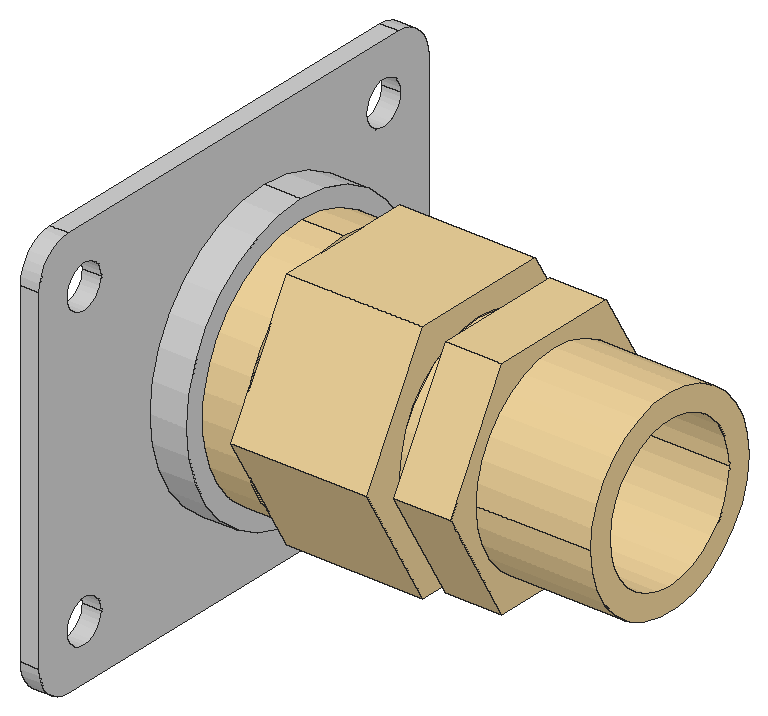
Revit family "Pipe_Fittings-OmegaFlex-TracPipe-AutoFlare-Flange_Fitting", category Pipe Fittings, Revit 2026
Family settings
  Round Connector Dimension = Use Radius
  Part Type = Cap
  Classification Number = 23.60.30.11.14
  Work Plane-Based = No
  Always vertical = Yes
  Cut with Voids When Loaded = No
  Shared = No
Parameters (values of type "Standard")
  URL = "https://www.omegaflex.com/"
  Tick Size [instance] = Fitting Outside Diameter * 0.4  # 0.526"
  Socket Entrance Offset [instance] = size_lookup(Lookup Table Name, "SEO", 0' 0", Nominal Diameter 1)  # 0' - 0.126"
  Socket Entrance Interior Diameter 1 [instance] = size_lookup(Lookup Table Name, "SEID1", 0' 0", Nominal Diameter 1)  # 0' - 1.34"
  Socket Entrance Diameter 2 [instance] = Socket Entrance Diameter 1 - 1/8"  # 1 1/2"
  Socket Entrance Diameter 1 [instance] = size_lookup(Lookup Table Name, "SED1", 0", Nominal Diameter 1)  # 1 5/8"
  Socket Entrance Thickness 2 [instance] = size_lookup(Lookup Table Name, "SET2", 0' 0", Nominal Diameter 1)  # 0' - 0 3/8"
  Socket Entrance Thickness 1 [instance] = size_lookup(Lookup Table Name, "SET1", 0' 0", Nominal Diameter 1)  # 0' - 0.906"
  Part Number [instance] = size_lookup(Lookup Table Name, "PN", "0", Nominal Diameter 1)  # "FGP-RFG-1000"
  Part Description [instance] = size_lookup(Lookup Table Name, "PD", "0", Nominal Diameter 1)  # "Steel Flange Fitting - 1\""
  Nominal Radius 1 [instance] = 1/2"
  Nominal Diameter 1 [instance] = Nominal Radius 1 * 2  # 1"
  Model = "TracPipe CounterStrike"
  Manufacturer = "OmegaFlex"  # constant formula
  Loss Method = K Coefficient from Table
  Lookup Table Name = "Pipe_Fittings-OmegaFlex-TracPipe-AutoFlare-Flange_Fitting"
  Length [instance] = size_lookup(Lookup Table Name, "CL", 0", Nominal Diameter 1)  # 2.708"
  K Coefficient Table = "Reducer/Coupling/Union/Increaser"
  Flange Outside Connection Diameter [instance] = Flange Connection Diameter + 0' 0 1/4"  # 0' - 1.91"
  Flange Connection Diameter [instance] = size_lookup(Lookup Table Name, "FCD", 0' 0", Nominal Diameter 1)  # 0' - 1.66"
  Fitting Thickness [instance] = size_lookup(Lookup Table Name, "FT", 0' 0", Nominal Diameter 1)  # 0' - 0.77"
  Fitting Outside Radius [instance] = Fitting Outside Diameter / 2  # 0.6575"
  Fitting Outside Diameter [instance] = size_lookup(Lookup Table Name, "FOD", 0", Nominal Diameter 1)  # 1.315"
  Fitting Inside Diameter [instance] = size_lookup(Lookup Table Name, "FID", 0' 0", Nominal Diameter 1)  # 0' - 1"
  Description = "See Part Description"
  Default Elevation = 0' - 0"
Reference planes (in)
  plane 1 "Center (Front/Back)": y = 0
  plane 2: z = 0
  plane 3 "Center (Left/Right)": x = 0
  plane 4: z = 1.375
  plane 5: z = -1.375
  plane 6: z = 1
  plane 7: z = -1
  plane 8: y = 1.375
  plane 9: y = -1.875
  plane 10: y = 1
  plane 11: y = -1.5
  plane 12: x = -1.354
  plane 13: x = -1.104
  plane 14: x = 1.354
  plane 15: x = 0.584
  plane 16: x = 0.209
  plane 17: x = -0.823
  plane 18: x = 0.083
  plane 19: x = -1.479
Forms (in)
  Extrusion 1, solid, material "Stainless Steel - OmegaFlex"
    sketch origin (-1.533, 0, 0) x (0, -1, 0) y (0, 0, -1)
      loop
        line (-1.125, -1.375) -> (1.625, -1.375)
        arc (1.625, -1.375) -> (1.80178, -1.30178) -> (1.875, -1.125) r 0.25
        line (1.875, -1.125) -> (1.875, 1.125)
        arc (1.875, 1.125) -> (1.80178, 1.30178) -> (1.625, 1.375) r 0.25
        line (1.625, 1.375) -> (-1.125, 1.375)
        arc (-1.125, 1.375) -> (-1.30178, 1.30178) -> (-1.375, 1.125) r 0.25
        line (-1.375, 1.125) -> (-1.375, -1.125)
        arc (-1.375, -1.125) -> (-1.30178, -1.30178) -> (-1.125, -1.375) r 0.25
      loop
        circle (-1, -1) r 0.145
      loop
        circle (1.5, -1) r 0.145
      loop
        circle (-1, 1) r 0.145
      loop
        circle (1.5, 1) r 0.145
      loop
        circle (0, 0) r 0.83
    from 0.054 to 0.179
  Extrusion 2, solid, material "Brass - OmegaFlex"
    sketch origin (-1.354, 0, 3.94401) x (0, 0, 1) y (0, -1, 0)
      loop
        circle (-3.94401, 0) r 0.83
      loop
        circle (-3.94401, 0) r 0.67
    from 0 to 0.531
  Extrusion 3, solid, material "Stainless Steel - OmegaFlex"
    sketch origin (-1.354, 0, 3.94401) x (0, 0, 1) y (0, -1, 0)
      loop
        circle (-3.94401, 0) r 0.955
      loop
        circle (-3.94401, 0) r 0.83
    from 0 to 0.25
  Extrusion 4, solid, material "Brass - OmegaFlex"
    sketch origin (0.083, 3.09718, 48) x (0, 1, 0) y (0, 0, -1)
      loop
        circle (-3.09718, 48) r 0.5
      loop
        circle (-3.09718, 48) r 0.6575
    from 0 to -1.271
Dimensions and locks (in)
  equal spacing: plane 4, plane 2, plane 5
  locked: plane 4 to plane 5 at 2.75
  locked: plane 4 to plane 6 at 0.375
  locked: plane 7 to plane 5 at 0.375
  locked: plane 8 to plane 9 at 3.25
  locked: plane 10 to plane 11 at 2.5
  locked: plane 8 to plane 10 at 0.375
  locked: plane 12 to plane 19 at 0.125
  "Length": plane 14 to plane 12
  "Fitting Thickness": plane 15 to plane 14
  "Socket Entrance Thickness 2": plane 16 to plane 15
  "Socket Entrance Offset": plane 18 to plane 16
  "Socket Entrance Thickness 1": plane 17 to plane 18
  equal spacing: plane 14, plane 3 "Center (Left/Right)", plane 12
  locked: plane 13 to plane 19 at 0.375
  "Socket Entrance Interior Diameter 1": diameter of Extrusion 2 sketch curve
  "Flange Connection Diameter": diameter of Extrusion 2 sketch curve
  "Flange Connection Diameter": diameter of Extrusion 1 sketch curve
  "Flange Connection Diameter": diameter of Extrusion 3 sketch curve
  "Flange Outside Connection Diameter": diameter of Extrusion 3 sketch curve
  "Fitting Inside Diameter": diameter of Extrusion 4 sketch curve
  "Fitting Outside Diameter": diameter of Extrusion 4 sketch curve
  aligned and locked: Extrusion 1 sketch curve to plane 8
  aligned and locked: Extrusion 1 sketch curve to plane 9
  aligned and locked: plane 10 to Extrusion 1 sketch curve  (x2)
  aligned and locked: plane 11 to Extrusion 1 sketch curve  (x2)
  aligned and locked: plane 12 to Extrusion 1
  aligned and locked: plane 17 to nested 1
  aligned and locked: plane 16 to nested 2
  aligned and locked: Extrusion 2 to plane 17
  aligned and locked: plane 13 to Extrusion 3
  aligned and locked: plane 14 to Extrusion 4
  aligned and locked: Extrusion 1 to plane 19
Automatic sketch dimensions
  Extrusion 1 sketch curve to plane 5 = 0' - 0"
  Extrusion 1 sketch curve to plane 4 = 0' - 0"
  Extrusion 1 sketch curve to level = 0' - 0"
  Extrusion 1 sketch curve to plane 1 "Center (Front/Back)" = 0' - 0"
  Extrusion 1 sketch curve to plane 6 = 0' - 0"  (x2)
  plane 7 to Extrusion 1 sketch curve = 0' - 0"  (x2)
  Extrusion 1 sketch curve to plane 10 = 0' - 0 1/8"  (x2)
  plane 11 to Extrusion 1 sketch curve = 0' - 0 1/8"
  plane 6 to Extrusion 1 sketch curve = 0' - 0 1/8"
  Extrusion 2 sketch curve to Extrusion 2 sketch curve = 0' - 0"  (x2)
  Extrusion 2 sketch curve to level = 0' - 0"
  Extrusion 2 sketch curve to plane 1 "Center (Front/Back)" = 0' - 0"
  Extrusion 3 sketch curve to Extrusion 3 sketch curve = 0' - 0"  (x2)
  Extrusion 3 sketch curve to level = 0' - 0"
  Extrusion 3 sketch curve to plane 1 "Center (Front/Back)" = 0' - 0"
  Extrusion 4 sketch curve to Extrusion 4 sketch curve = 0' - 0"  (x2)
  Extrusion 4 sketch curve to level = 0' - 0"
  Extrusion 4 sketch curve to plane 1 "Center (Front/Back)" = 0' - 0"
  radius of Extrusion 1 sketch curve = 0' - 0.145"  (x4)
Nested families (in)
  nested 1: "Nut-OmegaFlex-TracPipe" at (0.083, 0, 0) x (0, -1, 0) z (0, 0, 1), Interior Diameter <- "Socket Entrance Interior Diameter 1", Width <- "Socket Entrance Diameter 1", Thickness <- "Socket Entrance Thickness 1", type "Nut"
    with Width 0' - 1 5/8", Thickness 0' - 0.906", Interior Diameter 0' - 1.34"
  nested 2: "Nut-OmegaFlex-TracPipe" at (0.584, 0, 0) x (0, -1, 0) z (0, 0, 1), Thickness <- "Socket Entrance Thickness 2", Interior Diameter <- "Fitting Outside Diameter", Width <- "Socket Entrance Diameter 2", type "Nut"
    with Width 0' - 1 1/2", Thickness 0' - 0 3/8", Interior Diameter 0' - 1.315"
Connectors (in)
  piping at (1.354, 0, 0), diameter 1, driven by "Nominal Radius 1"
    settings: on Extrusion 4, index 3, connector inside diameter 24", connector length 0' - 0", flow factor 0, pipe flow 0 GPM, pressure drop 0.00 psi, fitting loss kfactor 0, connector angle 0.00°, fixture units 0, engagement length 0' - 0", angle of deflection 0.00°, flow configuration 0, flow direction 0, fitting loss method 0, system type 28, joint type 0, gender type 0, connector reference index 4, connector utility 0, adjustable connector no, is connector primary no, connector description ""
  piping at (-0.823, 0, 0), diameter 1, driven by "Nominal Radius 1"
    settings: on nested 1, index 4, connector inside diameter 24", connector length 0' - 0", flow factor 0, pipe flow 0 GPM, pressure drop 0.00 psi, fitting loss kfactor 0, connector angle 0.00°, fixture units 0, engagement length 0' - 0", angle of deflection 0.00°, flow configuration 0, flow direction 0, fitting loss method 0, system type 28, joint type 0, gender type 0, connector reference index 3, connector utility 0, adjustable connector no, is connector primary yes, connector description ""
Definition of nested family "Nut-OmegaFlex-TracPipe"
  Parameters (values of type "Nut")
    Width [instance] = 0' - 7"
    Thickness [instance] = 0' - 1"
    Material = none
    Interior Diameter [instance] = 0' - 3"
    Default Elevation = 0' - 0"
  Reference planes (in)
    plane 1 "Center (Front/Back)": y = 0
    plane 2: z = 0
    plane 3 "Center (Left/Right)": x = 0
    plane 4: y = 1
  Forms (in)
    Extrusion 1, solid, material <- "Material"
      sketch origin (0, 0, 0) x (1, 0, 0) y (0, 0, 1)
        loop
          line (-2.02073, 3.5) -> (-4.04145, 0) -> (-2.02073, -3.5) -> (2.02073, -3.5) -> (4.04145, 0) -> (2.02073, 3.5) -> (-2.02073, 3.5)
        loop
          circle (0, 0) r 1.5
      from 0 to -1
  Dimensions and locks (in)
    equal spacing: Extrusion 1 sketch curve, plane 2, Extrusion 1 sketch curve
    "Width": Extrusion 1 sketch curve to Extrusion 1 sketch curve  (x3)
    equal spacing: Extrusion 1 sketch curve, plane 3 "Center (Left/Right)", Extrusion 1 sketch curve  (x2)
    "Thickness": plane 4 to plane 1 "Center (Front/Back)"
    plane 4 to plane 1 "Center (Front/Back)" = 0' - 1"
    "Interior Diameter": diameter of Extrusion 1 sketch curve
    locked: Extrusion 1 sketch curve to Extrusion 1 sketch curve (angle 120.00°)  (x5)
    angle Extrusion 1 sketch curve to Extrusion 1 sketch curve = 120.00°
    aligned and locked: plane 2 to level
    aligned and locked: plane 4 to Extrusion 1
    aligned and locked: plane 3 "Center (Left/Right)" to Extrusion 1 sketch curve
    aligned and locked: plane 2 to Extrusion 1 sketch curve
